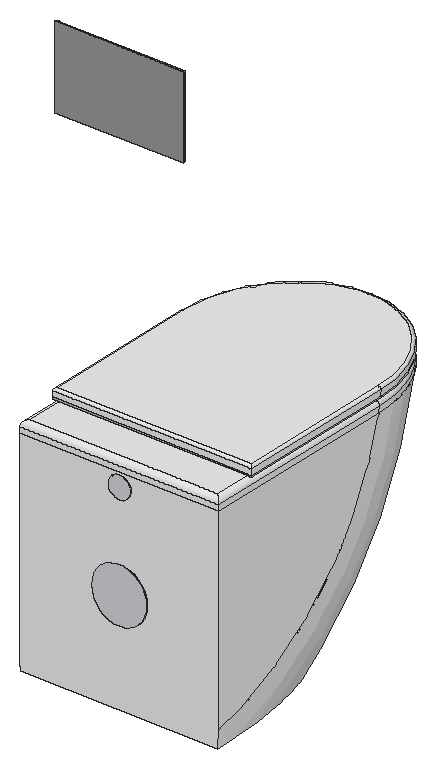
Revit family "ARKO FM ", category Plumbing Fixtures, host Wall, Revit 2014
Parameters (values of type "ARKO FM")
  Website = "www.siema.com.au"
  Material = White ( Gloss Finish )
  Flush Button Height = 1000 mm
Reference planes
  plane 1: y = 0
  plane 2 "Center (Left/Right)": x = 125
  plane 3 "Back": y = 75
  plane 4: y = 645
  plane 5: x = 305
  plane 6: x = -55
  plane 7: z = 405
  plane 8: y = 440
  plane 9 "x1": y = 440
  plane 10: y = 200
  plane 11: x = 47.5
  plane 12: x = 202.5
  plane 13: z = 185
  plane 14: z = 360
  plane 15 "S Trap": y = 175
  plane 16: z = 1000
Forms (mm)
  Extrusion 1, solid, material "White ( Gloss Finish )" <- "Material", not visible
    sketch origin (0, 0, 0) x (1, 0, 0) y (0, 1, 0)
      loop
        arc (305, 465) -> (125, 645) -> (-55, 465) r 180
        arc (-55, 465) -> (-53.647, 387.5) -> (-49.591, 310.094) r 2220.662
        line (-49.591, 310.094) -> (-39.77, 169.654) -> (289.77, 169.654) -> (299.591, 310.094)
        arc (299.591, 310.094) -> (303.647, 387.5) -> (305, 465) r 2220.662
    from 405 to 445
  Sweep 2, void, not visible
    path in 3D
      loop
        arc (299.591, 310.094, 445) -> (303.647, 387.5, 445) -> (305, 465, 445) r 2220.662
        arc (305, 465, 445) -> (125, 645, 445) -> (-55, 465, 445) r 180
        arc (-55, 465, 445) -> (-53.647, 387.5, 445) -> (-49.591, 310.094, 445) r 2220.662
        line (-49.591, 310.094, 445) -> (-39.77, 169.654, 445) -> (289.77, 169.654, 445) -> (299.591, 310.094, 445)
    profile origin (294.68, 239.874, 445) x (-0.997564, 0.069756, 0) y (0, 0, 1)
      loop
        line (10, 0) -> (0, 0) -> (0, -10)
        arc (0, -10) -> (2.929, -2.929) -> (10, 0) r 10
      loop
        line (0, -40) -> (10, -40)
        arc (10, -40) -> (2.929, -37.071) -> (0, -30) r 10
        line (0, -30) -> (0, -40)
  SweptBlend 3, solid, material "White ( Gloss Finish )" <- "Material"
    path origin (125, 0, 0) x (0, 1, 0) y (0, 0, 1)
      loop
        arc (650.618, 480.381) -> (482.992, 45.074) -> (75, -181.054) r 682.872
    profile origin (125, 650.618, 480.381) x (0, 0.999819, -0.019011) y (1, 0, 0)
      loop
        spline (-201.25, -180) -> (-148.192, -173.867) -> (-98.75, -155.885) -> (-56.293, -127.279) -> (-23.715, -90) -> (-3.235, -46.587) -> (3.75, 0) -> (-3.235, 46.587) -> (-23.715, 90) -> (-56.293, 127.279) -> (-98.75, 155.885) -> (-148.192, 173.867) -> (-201.25, 180)
        line (-201.25, 180) -> (-641.97, 180) -> (-641.97, -180) -> (-201.25, -180)
    end profile origin (125, 75, -181.054) x (0, 0.156883, -0.987617) y (1, 0, 0)
      loop
        line (-480.094, -180) -> (-207.594, -180)
        spline (-207.594, -180) -> (-154.537, -173.867) -> (-105.094, -155.885) -> (-62.638, -127.279) -> (-30.059, -90) -> (-9.58, -46.587) -> (-2.594, 0) -> (-9.58, 46.587) -> (-30.059, 90) -> (-62.638, 127.279) -> (-105.094, 155.885) -> (-154.537, 173.867) -> (-207.594, 180)
        line (-207.594, 180) -> (-480.094, 180) -> (-480.094, -180)
  Extrusion 4, void
    sketch origin (125, 0, 0) x (0, 1, 0) y (0, 0, 1)
      loop
        line (805, 385) -> (805, 700) -> (-105, 700) -> (-105, -203.463) -> (785, -203.463) -> (785, 0) -> (75, 0) -> (75, 385) -> (805, 385)
    from -250.821 to 250
  Sweep 5, solid, material "White ( Gloss Finish )" <- "Material"
    path in 3D
      loop
        line (305, 75, 385) -> (305, 436.132, 385)
        spline (305, 436.132, 385) -> (299.69, 486.825, 385) -> (283.704, 535.176, 385) -> (257.049, 578.542, 385) -> (220.286, 613.697, 385) -> (175.122, 637.015, 385) -> (124.992, 645.231, 385) -> (74.861, 637, 385) -> (29.692, 613.688, 385) -> (-7.064, 578.533, 385) -> (-33.71, 535.152, 385) -> (-49.693, 486.808, 385) -> (-55, 436.169, 385)
        line (-55, 436.169, 385) -> (-55, 75, 385) -> (305, 75, 385)
    profile origin (125, 75, 385) x (0, 1, 0) y (0, 0, 1)
      loop
        arc (10, 20) -> (2.929, 17.071) -> (0, 10) r 10
        line (0, 10) -> (0, 0) -> (18.654, 0) -> (18.654, 20) -> (10, 20)
  Extrusion 6, solid, material "White ( Gloss Finish )" <- "Material"
    sketch origin (0, 0, 0) x (1, 0, 0) y (0, 1, 0)
      loop
        spline (286.346, 436.055) -> (281.446, 482.836) -> (266.764, 527.277) -> (242.49, 566.799) -> (209.371, 598.491) -> (169.208, 619.251) -> (125.007, 626.505) -> (80.773, 619.238) -> (40.601, 598.476) -> (7.502, 566.798) -> (-16.77, 527.254) -> (-31.448, 482.813) -> (-36.346, 436.056)
        line (-36.346, 436.056) -> (-36.346, 93.654) -> (286.346, 93.654) -> (286.346, 436.055)
    from 385 to 405
  Extrusion 7, void
    sketch origin (0, 0, 0) x (1, 0, 0) y (0, 1, 0)
      loop
        circle (125, 175) r 50
    from 0 to 20
  Extrusion 8, void
    sketch origin (0, 0, 0) x (1, 0, 0) y (0, 1, 0)
      loop
        circle (125, 175) r 50
    from -256.424 to 0
  Extrusion 9, solid
    sketch origin (0, 440, 0) x (1, 0, 0) y (0, 0, 1)
      loop
        circle (125, 185) r 50
    from 265 to 365
  Extrusion 10, solid
    sketch origin (0, 440, 0) x (1, 0, 0) y (0, 0, 1)
      loop
        circle (125, 360) r 20
    from 345 to 365
Cuts and joins
  Extrusion 4, Extrusion 7, Extrusion 8 cuts SweptBlend 3
  joined: Sweep 5, Extrusion 6
Lines and regions (mm)
  sketch lines, not visible
    curve 1: line (289.77, 169.654, 445) -> (299.591, 310.094, 445)
    curve 2: line (-39.77, 169.654, 445) -> (289.77, 169.654, 445)
    curve 3: arc (305, 465, 445) -> (303.647, 387.5, 445) -> (299.591, 310.094, 445) r 2220.662
    curve 4: arc (-55, 465, 445) -> (125, 645, 445) -> (305, 465, 445) r 180
    curve 5: arc (-49.591, 310.094, 445) -> (-53.647, 387.5, 445) -> (-55, 465, 445) r 2220.662
    curve 6: line (-49.591, 310.094, 445) -> (-39.77, 169.654, 445)
  sketch lines
    curve 7: line (-55, 75, 385) -> (305, 75, 385)
    curve 8: line (305, 436.132, 385) -> (305, 75, 385)
    curve 9: spline (305, 436.169, 385) -> (299.69, 486.825, 385) -> (283.704, 535.176, 385) -> (257.049, 578.542, 385) -> (220.286, 613.697, 385) -> (175.122, 637.015, 385) -> (124.992, 645.231, 385) -> (74.861, 637, 385) -> (29.692, 613.688, 385) -> (-7.064, 578.533, 385) -> (-33.71, 535.152, 385) -> (-49.693, 486.808, 385) -> (-55, 436.169, 385)
    curve 10: line (-55, 75, 385) -> (-55, 436.138, 385)
Text (mm)
  text "Placement side" at (-1671.535, 674.924, 0), in view "Ref. Level"
  text "Placement side" at (0, 1827.695, 2917.686), in view "Left"
  text "Placement side" at (0, 562.268, 3853.606), in view "Right"
Dimensions and locks
  locked: plane 3 "Back" to host wall at 0
  plane 3 "Back" to plane 4 = 570 mm  (x2)
  plane 7 to level = 405 mm
  plane 3 "Back" to plane 9 "x1" = 365 mm  (x2)
  plane 10 to plane 4 = 445 mm
  plane 11 to plane 2 "Center (Left/Right)" to plane 12 = 77.5 mm, 77.5 mm
  plane 11 to plane 12 = 155 mm
  level to plane 7 = 405 mm
  level to plane 13 = 185 mm
  level to plane 14 = 360 mm
  plane 14 to level = 360 mm
  plane 13 to level = 185 mm
  plane 6 to plane 5 = 360 mm
  "Flush Button Height": level to plane 16
  aligned and locked: host wall to plane 1
  aligned and locked: plane 16 to nested 1
Automatic sketch dimensions
  SweptBlend 3 sketch curve to plane 3 "Back" = 0 mm
  plane 1 to SweptBlend 3 sketch curve = 32.131 mm
  plane 7 to SweptBlend 3 sketch curve = 88.362 mm
  SweptBlend 3 sketch curve to plane 4 = 5.618 mm
  plane 7 to SweptBlend 3 sketch curve = 75.381 mm
  SweptBlend 3 sketch curve to profile plane = 0 mm  (x2)
  SweptBlend 3 sketch curve to profile plane = 180 mm
  profile plane to SweptBlend 3 sketch curve = 641.97 mm
  profile plane to SweptBlend 3 sketch curve = 201.25 mm
  profile plane to SweptBlend 3 sketch curve = 180 mm
  profile plane to SweptBlend 3 sketch curve = 480.094 mm
  profile plane to SweptBlend 3 sketch curve = 207.594 mm
  Extrusion 4 sketch curve to host wall = 0 mm
  Extrusion 4 sketch curve to level = 0 mm
  host wall to Extrusion 4 sketch curve = 30 mm
  Extrusion 4 sketch curve to plane 4 = 140 mm
  Extrusion 4 sketch curve to plane 7 = 20 mm
  Extrusion 4 sketch curve to plane 4 = 160 mm
  Extrusion 4 sketch curve to level = 203.463 mm
  plane 7 to Extrusion 4 sketch curve = 295 mm
  Sweep 5 sketch curve to profile plane = 0 mm  (x2)
  Sweep 5 sketch curve to profile plane = 10 mm
  Sweep 5 sketch curve to Sweep 5 sketch curve = 8.654 mm
  profile plane to Sweep 5 sketch curve = 10 mm
  Extrusion 6 sketch curve to plane 8 = 3.944 mm
  plane 6 to Extrusion 6 sketch curve = 18.654 mm
  Extrusion 6 sketch curve to plane 5 = 18.654 mm
  Extrusion 6 sketch curve to plane 8 = 3.945 mm
  host wall to Extrusion 6 sketch curve = 18.654 mm
  Extrusion 7 sketch curve to plane 2 "Center (Left/Right)" = 0 mm
  plane 15 "S Trap" to Extrusion 7 sketch curve = 0 mm
  Extrusion 8 sketch curve to plane 2 "Center (Left/Right)" = 0 mm
  plane 15 "S Trap" to Extrusion 8 sketch curve = 0 mm
  Extrusion 9 sketch curve to plane 2 "Center (Left/Right)" = 0 mm
  Extrusion 9 sketch curve to plane 13 = 0 mm
  Extrusion 10 sketch curve to plane 2 "Center (Left/Right)" = 0 mm
  Extrusion 10 sketch curve to plane 14 = 0 mm
  radius of Extrusion 7 sketch curve = 50 mm
  radius of Extrusion 8 sketch curve = 50 mm
  radius of Extrusion 9 sketch curve = 50 mm
  radius of Extrusion 10 sketch curve = 20 mm
Nested families
  nested 1: "FLUSH PLATE 200" at (0, 0, 0), type "Chrome plated metal"
  nested 2: "Slim seat 20mm lid" at (0, 0, 0), type "Slim Seat 20 mm lid"
Connectors
  piping at (125, 175, 185), diameter 100
    settings: index 1, connector inside diameter 609.6 mm, connector length 0 mm, flow factor 0, pipe flow 0.0 L/s, pressure drop 0.0 Pa, fitting loss kfactor 0, connector angle 0.00°, fixture units 0, engagement length 0 mm, angle of deflection 0.00°, flow configuration 0, flow direction 0, fitting loss method 0, system type 16, joint type 0, gender type 0, connector reference index -1, connector utility 0, adjustable connector no, is connector primary yes, connector description "P Trap"
  piping at (125, 175, 0), diameter 100
    settings: index 3, connector inside diameter 609.6 mm, connector length 0 mm, flow factor 0, pipe flow 0.0 L/s, pressure drop 0.0 Pa, fitting loss kfactor 0, connector angle 0.00°, fixture units 0, engagement length 0 mm, angle of deflection 0.00°, flow configuration 0, flow direction 0, fitting loss method 0, system type 16, joint type 0, gender type 0, connector reference index -1, connector utility 0, adjustable connector no, is connector primary no, connector description "S Trap"
  piping at (125, 95, 360), diameter 40
    settings: on Extrusion 10, index 4, connector inside diameter 609.6 mm, connector length 0 mm, flow factor 0, pipe flow 0.0 L/s, pressure drop 0.0 Pa, fitting loss kfactor 0, connector angle 0.00°, fixture units 0, engagement length 0 mm, angle of deflection 0.00°, flow configuration 3, flow direction 1, fitting loss method 0, system type 20, joint type 0, gender type 0, connector reference index -1, connector utility 0, adjustable connector no, is connector primary no, connector description ""
Definition of nested family "FLUSH PLATE 200"
  Parameters (values of type "Black Glass")
    Material Fin Switch = Steel, Polished
    Material Fin Plate = Glass, Frosted
  Types (4, lengths in mm): name | Material Fin Plate
    Brushed stainless steel | Stainless Steel, Brushed
    Chrome plated metal | Steel, Paint Finish, Ivory, Matte
    White glass | Glass, Clear Glazing
    Black Glass | Glass, Frosted
  Reference planes
    plane 1: y = 0
    plane 2 "Center (Left/Right)": x = 125
    plane 3 "Back": y = 75
    plane 4: z = 1000
    plane 5: x = 9
    plane 6: x = 241
    plane 7: z = 1074
    plane 8: z = 926
    plane 9: y = 80
    plane 10: x = 163.667
    plane 11: x = 86.333
    plane 12: y = 81
  Forms (mm)
    Extrusion 1, solid, material "Glass, Frosted" <- "Material Fin Plate"
      sketch origin (0, 75, 0) x (1, 0, 0) y (0, 0, 1)
        loop
          line (241, 1074) -> (9, 1074) -> (9, 926) -> (241, 926) -> (241, 1074)
      from 0 to -5
    Extrusion 2, solid, material "Steel, Polished" <- "Material Fin Switch"
      sketch origin (0, 75, 0) x (1, 0, 0) y (0, 0, 1)
        loop
          circle (163.667, 1000) r 15.5
        loop
          circle (163.667, 1000) r 22.5
        loop
          circle (163.667, 1000) r 16
        loop
          circle (86.333, 1000) r 15.5
        loop
          circle (86.333, 1000) r 22.5
        loop
          circle (86.333, 1000) r 16
      from -5 to -6
    Sweep 3, void
      path origin (0, 80, 0) x (1, 0, 0) y (0, 0, 1)
        loop
          line (241, 1074) -> (9, 1074) -> (9, 926) -> (241, 926) -> (241, 1074)
      profile origin (125, 80, 1074) x (0, 0, -1) y (0, -1, 0)
        loop
          line (0, 0) -> (3, 0)
          arc (3, 0) -> (0.879, 0.879) -> (0, 3) r 3
          line (0, 3) -> (0, 0)
    Extrusion 4, void
      sketch origin (0, 80, 0) x (1, 0, 0) y (0, 0, 1)
        loop
          line (170.265, 1000.863) -> (157.068, 1000.863)
          arc (157.068, 1000.863) -> (156.205, 1000) -> (157.068, 999.137) r 0.863
          line (157.068, 999.137) -> (170.265, 999.137)
          arc (170.265, 999.137) -> (171.128, 1000) -> (170.265, 1000.863) r 0.863
        loop
          arc (79.735, 1000.863) -> (78.872, 1000) -> (79.735, 999.137) r 0.863
          line (79.735, 999.137) -> (92.932, 999.137)
          arc (92.932, 999.137) -> (93.795, 1000) -> (92.932, 1000.863) r 0.863
          line (92.932, 1000.863) -> (79.735, 1000.863)
      from -1 to -0.778
  Cuts and joins
    Sweep 3, Extrusion 4 cuts Extrusion 1
    Extrusion 4 cuts Extrusion 2
  Text (mm)
    text "Placement side" at (-1787.139, 592.35, 0), in view "Ref. Level"
    text "Placement side" at (0, 1827.695, 2917.686), in view "Left"
    text "Placement side" at (0, 562.268, 3853.606), in view "Right"
  Dimensions and locks
    locked: plane 3 "Back" to host wall at 0
    equal spacing: plane 6, plane 10, plane 11, plane 5
    level to plane 4 = 1000 mm
    plane 8 to plane 7 = 148 mm
    plane 6 to plane 5 = 232 mm
    aligned and locked: host wall to plane 1
    aligned and locked: plane 7 to Extrusion 1 sketch curve
    aligned and locked: plane 6 to Extrusion 1 sketch curve
    aligned and locked: Extrusion 1 sketch curve to plane 8
    aligned and locked: Extrusion 1 sketch curve to plane 5
    aligned and locked: Extrusion 1 to plane 9
    aligned and locked: plane 9 to Extrusion 2
    aligned and locked: Extrusion 2 to plane 12
    aligned and locked: Extrusion 2 to Extrusion 4
  Automatic sketch dimensions
    Extrusion 2 sketch curve to Extrusion 2 sketch curve = 0 mm  (x12)
    Extrusion 2 sketch curve to plane 4 = 0 mm  (x2)
    plane 11 to Extrusion 2 sketch curve = 0 mm
    plane 10 to Extrusion 2 sketch curve = 0 mm
    Sweep 3 sketch curve to Extrusion 1 = 0 mm  (x3)
    Extrusion 1 to Sweep 3 sketch curve = 0 mm
    Sweep 3 sketch curve to profile plane = 0 mm  (x4)
    Sweep 3 sketch curve to profile plane = 3 mm
    Sweep 3 sketch curve to Sweep 3 sketch curve = 3 mm  (x2)
    Extrusion 1 to Extrusion 4 sketch curve = 70.735 mm
    Extrusion 4 sketch curve to Extrusion 4 sketch curve = 13.196 mm  (x2)
    Extrusion 4 sketch curve to Extrusion 4 sketch curve = 64.137 mm
    Extrusion 1 to Extrusion 4 sketch curve = 73.137 mm  (x2)
    Extrusion 4 sketch curve to Extrusion 4 sketch curve = 0.863 mm  (x2)
    Extrusion 4 sketch curve to Extrusion 4 sketch curve = 0 mm  (x4)
    radius of Extrusion 2 sketch curve = 15.5 mm  (x2)
    radius of Extrusion 2 sketch curve = 22.5 mm  (x2)
    radius of Extrusion 2 sketch curve = 16 mm  (x2)
Definition of nested family "Slim seat 20mm lid"
  Parameters (values of type "Slim Seat 20 mm lid")
    Material = White ( Gloss Finish )
  Reference planes
    plane 1: y = 0
    plane 2 "Center (Left/Right)": x = 125
    plane 3 "Back": y = 75
    plane 4: y = 645
    plane 5: x = 305
    plane 6: x = -55
    plane 7: z = 405
    plane 8: y = 440
    plane 9 "x1": y = 440
    plane 10: y = 200
    plane 11 "S Trap": y = 175
    plane 12: z = 425
  Forms (mm)
    Extrusion 1, solid, material "White ( Gloss Finish )" <- "Material"
      sketch origin (0, 0, 0) x (1, 0, 0) y (0, 1, 0)
        loop
          spline (279.184, 440) -> (273.726, 487.145) -> (257.851, 530.817) -> (232.88, 567.924) -> (200.816, 595.952) -> (164.057, 613.32) -> (125, 619.184) -> (85.943, 613.32) -> (49.184, 595.952) -> (17.12, 567.924) -> (-7.851, 530.817) -> (-23.726, 487.145) -> (-29.184, 440)
          line (-29.184, 440) -> (-29.184, 174.924) -> (279.184, 174.924) -> (279.184, 440)
      from 405 to 425
    Sweep 2, solid, material "White ( Gloss Finish )" <- "Material"
      path in 3D
        loop
          line (305, 149.108, 445) -> (305, 440, 445)
          spline (305, 440, 445) -> (298.867, 493.058, 445) -> (280.885, 542.5, 445) -> (252.279, 584.957, 445) -> (215, 617.535, 445) -> (171.587, 638.015, 445) -> (125, 645, 445) -> (78.413, 638.015, 445) -> (35, 617.535, 445) -> (-2.279, 584.957, 445) -> (-30.885, 542.5, 445) -> (-48.867, 493.058, 445) -> (-55, 440, 445)
          line (-55, 440, 445) -> (-55, 149.108, 445) -> (305, 149.108, 445)
      profile origin (125, 149.108, 445) x (0, 1, 0) y (0, 0, 1)
        loop
          arc (5, -20) -> (1.464, -21.464) -> (0, -25) r 5
          line (0, -25) -> (0, -35)
          arc (0, -35) -> (1.464, -38.536) -> (5, -40) r 5
          line (5, -40) -> (25.816, -40) -> (25.816, -20) -> (5, -20)
  Cuts and joins
    joined: Extrusion 1, Sweep 2
  Lines and regions (mm)
    sketch lines
      curve 1: line (-55, 149.108, 445) -> (305, 149.108, 445)
      curve 2: line (-55, 440, 445) -> (-55, 149.108, 445)
      curve 3: spline (-55, 440, 445) -> (-48.867, 493.058, 445) -> (-30.885, 542.5, 445) -> (-2.279, 584.957, 445) -> (35, 617.535, 445) -> (78.413, 638.015, 445) -> (125, 645, 445) -> (171.587, 638.015, 445) -> (215, 617.535, 445) -> (252.279, 584.957, 445) -> (280.885, 542.5, 445) -> (298.867, 493.058, 445) -> (305, 440, 445)
      curve 4: line (305, 149.108, 445) -> (305, 440, 445)
  Text (mm)
    text "Placement side" at (-1671.535, 674.924, 0), in view "Ref. Level"
    text "Placement side" at (0, 1827.695, 2917.686), in view "Left"
    text "Placement side" at (0, 562.268, 3853.606), in view "Right"
  Dimensions and locks
    locked: plane 3 "Back" to host wall at 0
    plane 3 "Back" to plane 4 = 570 mm  (x2)
    plane 7 to level = 405 mm
    plane 3 "Back" to plane 9 "x1" = 365 mm  (x2)
    plane 10 to plane 4 = 445 mm
    plane 6 to plane 5 = 360 mm
    aligned and locked: host wall to plane 1
